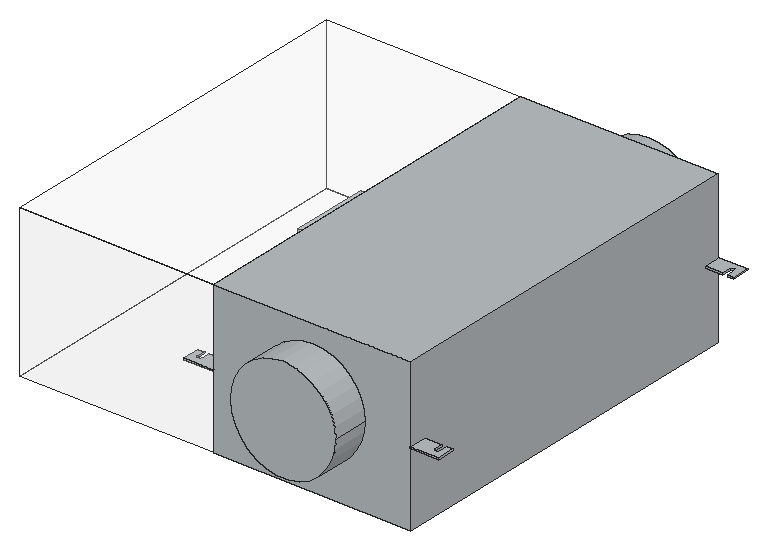
Revit family "3_天吊埋込タイプ 排気消音タイプ 単相100V_3相200V", category 機械設備, Revit 2019
Family settings
  丸型コネクタ寸法 = 直径を使用
  パーツ タイプ = 割り込み
  OmniClass 番号 = 23.75.35.17.27
  OmniClass タイトル = Centrifugal Fans
  作業面ベース = いいえ
  常に垂直 = はい
  ロード時にボイドで切り取り = いいえ
  共有 = いいえ
  部屋計算ポイント = はい
Parameters (values of type "BFS-120SHU")
  騒音レベル(dB(A))_吸込 = 41
  騒音レベル(dB(A))_吐出 = 46.5
  騒音レベル(dB(A))_側面 = 33
  騒音レベル(dB(A)) = 46.5
  風量 [instance] = 設計風量  # 0.0 m³/h
  電源種別 [instance] = "一般"
  電圧 = 100 V
  電動機出力 = 270 W
  電動機_種別 [instance] = ""
  運転質量 = 0.00 kg
  連動 [instance] = ""
  質量 = if(製品質量 > 運転質量, 製品質量, 運転質量) * 1.2  # 33.60 kg
  負荷分類 = 3_ファン類
  説明 = "ストレートシロッコファン天吊埋込タイプ（消音形排気消音タイプ）"
  設計風量 [instance] = 0.0 m³/h
  設置方法 = "天吊"
  記号 [instance] = ""
  製造元 = "三菱電機株式会社"
  製品質量 = 28.00 kg
  製品出荷対象 = "国内"
  製品リリース年月 = "2008年12月1日"
  製品グループ = ""
  系統 [instance] = ""
  符号 [instance] = if(☑給気／□排気, "FS", "FE")  # "FE"
  積算_科目 = "2 換気設備"
  積算_拾い区分 [instance] = ""
  相 = 1
  盤記号 [instance] = ""
  盤工事区分 = "電気工事"
  発停方法 [instance] = "別売スイッチ"
  番手 = "♯1 1/2"
  特殊仕様 [instance] = ""
  火災停止 = ""
  消費電力 = 260 W
  法定耐用年数 = "15"
  機外静圧 [instance] = 0.0 Pa
  極数 = 2
  極 = 4
  材質 [instance] = ""
  本体マテリアル = 溶融亜鉛めっき鋼板
  操作・制御方式 = ""
  操作・制御スイッチ = ""
  排気量 [instance] = if(☑給気／□排気, 0.0 m³/h, 設計風量)  # 0.0 m³/h
  形式 = ""
  形名 = BFS-SHU : BFS-120SHU
  幹線記号 [instance] = ""
  対象室 [instance] = ""
  実風量 = 0.0 m³/h
  始動方式 [instance] = "直入"
  外気量 [instance] = if(☑給気／□排気, 設計風量, 0.0 m³/h)  # 0.0 m³/h
  呼称 = "消音ボックス付送風機"
  周波数 = 50 Hz
  天吊金具ピッチ幅 = 550 mm
  天吊金具ピッチ奥行 = 851 mm
  参照している仕様書等のバージョン = ""
  分類コード = "50052502100020"
  分類グループ = ""
  価格 = 179000
  企業コード = "108420"
  付属品_防振装置 = ""
  付属品 [instance] = ""
  仕様書バージョン = "Version1.0"
  モデル = "BFS-120SHU"
  ファンの種類 = "多翼形"
  ダクト径 = 250 mm
  サービススペース = yes
  コメント [instance] = ""
  Keynote = ""
  ☑給気／□排気 [instance] = no
  Width = 455 mm
  Version = ""
  Uniclass2015Version = "Systems v1.9"
  Uniclass2015Title = "Centrifugal fans"
  Uniclass2015Code = "Pr_65_67_29_12"
  URL = "https://www.mitsubishielectric.co.jp/ldg/wink/ssl/displayProduct.do?pid=173720"
  SpecificationReference = ""
  SpecificationDescription = ""
  Revision = ""
  ProductInformation = ""
  OmniClassCode = "23-33 31 19 13 15"
  MIN風量 = 1070.0 m³/h
  MIN静圧 = 167.0 Pa
  MID風量 = 0.0 m³/h
  MID静圧 = 0.0 Pa
  MAX風量 = 1200.0 m³/h
  MAX静圧 = 210.0 Pa
  M = 85 mm
  IfcTypeProduct = ""
  IfcProduct = ""
  IfcExportType = "CENTRIFUGALFORWARDCURVED"
  IfcExportAs = "IfcFanType"
  Height = 350 mm
  Depth = 887 mm
  Clearance Top = 0 mm  # constant formula
  Clearance Right = 0 mm  # constant formula
  Clearance Left = 450 mm  # constant formula
  Clearance Front = 0 mm  # constant formula
  Clearance Bottom = 0 mm  # constant formula
  Clearance Back = 0 mm  # constant formula
  Author = "三菱電機株式会社"
Types (6, lengths in mm): name | 騒音レベル(dB(A))_吸込 | 騒音レベル(dB(A))_吐出 | 騒音レベル(dB(A))_側面 | 騒音レベル(dB(A)) | 電圧 | 電動機出力 | 質量 | 製品質量 | 相 | 消費電力 | 極数 | 形名 | 天吊金具ピッチ幅 | 天吊金具ピッチ奥行 | 価格 | モデル | ダクト径 | Width | URL | MIN風量 | MIN静圧 | MAX風量 | MAX静圧 | M | Depth
  BFS-120SHU | 41 | 46.5 | 33 | 46.5 | 100 V | 270 W | 33.60 kg | 28.00 kg | 1 | 260 W | 2 | BFS-SHU : BFS-120SHU | 550 | 851 | 179000 | "BFS-120SHU" | 250 | 455 | "https://www.mitsubishielectric.co.jp/ldg/wink/ssl/displayProduct.do?pid=173720" | 1070.0 m³/h | 167.0 Pa | 1200.0 m³/h | 210.0 Pa | 85 | 887
  BFS-150SHU | 41.5 | 49.5 | 36 | 49.5 | 100 V | 300 W | 36.00 kg | 30.00 kg | 1 | 368 W | 2 | BFS-SHU : BFS-150SHU | 550 | 1005 | 186000 | "BFS-150SHU" | 250 | 455 | "https://www.mitsubishielectric.co.jp/ldg/wink/ssl/displayProduct.do?pid=173725" | 1300.0 m³/h | 146.0 Pa | 1500.0 m³/h | 195.0 Pa | 85 | 1041
  BFS-120THU | 41 | 46.5 | 33 | 46.5 | 200 V | 240 W | 33.60 kg | 28.00 kg | 3 | 260 W | 3 | BFS-THU : BFS-120THU | 550 | 851 | 179000 | "BFS-120THU" | 250 | 455 | "https://www.mitsubishielectric.co.jp/ldg/wink/ssl/displayProduct.do?pid=173721" | 895.0 m³/h | 116.0 Pa | 1200.0 m³/h | 210.0 Pa | 85 | 887
  BFS-150THU | 41.5 | 49.5 | 36 | 49.5 | 200 V | 300 W | 36.00 kg | 30.00 kg | 3 | 372 W | 3 | BFS-THU : BFS-150THU | 550 | 1005 | 186000 | "BFS-150THU" | 250 | 455 | "https://www.mitsubishielectric.co.jp/ldg/wink/ssl/displayProduct.do?pid=173724" | 1165.0 m³/h | 117.0 Pa | 1500.0 m³/h | 195.0 Pa | 85 | 1041
  BFS-180THU | 42.5 | 50.5 | 37 | 50.5 | 200 V | 550 W | 38.40 kg | 32.00 kg | 3 | 425 W | 3 | BFS-THU : BFS-180THU | 600 | 1005 | 218000 | "BFS-180THU" | 250 | 505 | "https://www.mitsubishielectric.co.jp/ldg/wink/ssl/displayProduct.do?pid=173723" | 0.0 m³/h | 0.0 Pa | 1800.0 m³/h | 167.0 Pa | 85 | 1041
  BFS-210THU | 44.5 | 51.5 | 39 | 51.5 | 200 V | 750 W | 40.80 kg | 34.00 kg | 3 | 535 W | 3 | BFS-THU : BFS-210THU | 620 | 1142 | 270000 | "BFS-210THU" | 300 | 525 | "https://www.mitsubishielectric.co.jp/ldg/wink/ssl/displayProduct.do?pid=173722" | 0.0 m³/h | 0.0 Pa | 2100.0 m³/h | 191.0 Pa | 100 | 1178
Reference planes
  plane 1 "中心(正面/背面)": y = 0
  plane 2: z = 0
  plane 3 "中心(左/右)": x = 0
  plane 4 "4": x = 0
  plane 5 "3": x = 0
  plane 6 "左": x = -227.5
  plane 7 "右": x = 227.5
  plane 8 "背面": y = 443.5
  plane 9 "正面": y = -443.5
  plane 10: z = 175
  plane 11: y = 425.5
  plane 12: y = -425.5
  plane 13: x = 275
  plane 14: x = -275
  plane 15: z = -175
  plane 16: z = 175
  plane 17: z = -175
  plane 18: y = 443.5
  plane 19: y = -443.5
  plane 20: x = 227.5
  plane 21: x = -677.5
Dimensions and locks
  equal spacing: plane 6 "左", plane 5 "3", plane 7 "右"
  "Width": plane 6 "左" to plane 7 "右"
  equal spacing: plane 9 "正面", plane 1 "中心(正面/背面)", plane 8 "背面"
  "Depth": plane 9 "正面" to plane 8 "背面"
  equal spacing: plane 10, level, plane 15
  "Height": plane 10 to plane 15
  "Clearance Top": plane 16 to plane 10
  "Clearance Bottom": plane 15 to plane 17
  "Clearance Back": plane 8 "背面" to plane 18
  "Clearance Front": plane 19 to plane 9 "正面"
  "Clearance Left": plane 21 to plane 6 "左"
  "Clearance Right": plane 7 "右" to plane 20
  equal spacing: plane 12, plane 1 "中心(正面/背面)", plane 11
  "天吊金具ピッチ奥行": plane 12 to plane 11
  equal spacing: plane 14, plane 5 "3", plane 13
  "天吊金具ピッチ幅": plane 14 to plane 13
  aligned and locked: level to plane 2
  aligned and locked: nested 1 to plane 11
  aligned and locked: plane 12 to nested 1
  aligned and locked: plane 14 to nested 1
  aligned and locked: plane 13 to nested 1
  aligned and locked: plane 21 to nested 2
  aligned and locked: plane 19 to nested 2
  aligned and locked: plane 16 to nested 2
  aligned and locked: plane 17 to nested 2
  aligned and locked: plane 18 to nested 2
  aligned and locked: plane 6 "左" to nested 2
  aligned and locked: nested 3 to plane 5 "3"
  aligned and locked: plane 1 "中心(正面/背面)" to nested 3
  aligned and locked: plane 10 to nested 3
Nested families
  nested 1: "固定点" at (-275, -425.5, 0), type "固定点"
    with W 550 mm, D 851 mm
  nested 2: "サービススペース" at (-452.5, 0, 0), visible <- "サービススペース", type "サービススペース"
    with Width 450 mm, Height 350 mm, Depth 887 mm
  nested 3: "BFS-SHU" at (0, 0, -175) x (0, -1, 0) z (0, 0, 1), type <- "形名", type "BFS-120SHU"
Connectors
  hvac at (0, -528.5, 12), driven by "ダクト径", driven by "機外静圧", driven by "風量"
    settings: on nested 3, index 2, duct flow 0.0 m³/h, flow factor 0, pres drop 0.0 Pa, loss coef 0, conn angle 0.00°, conn width 304.8 mm, conn height 304.8 mm, conn diameter 250 mm, duct sys type 29, conn prof type 0, flow config 0, flow direction 2, loss method 4, conn ref index -1, conn util no, is conn primary yes, conn desc "Out"
  hvac at (0, 528.5, 12), driven by "ダクト径", driven by "機外静圧", driven by "風量"
    settings: on nested 3, index 3, duct flow 0.0 m³/h, flow factor 0, pres drop 0.0 Pa, loss coef 0, conn angle 0.00°, conn width 304.8 mm, conn height 304.8 mm, conn diameter 250 mm, duct sys type 29, conn prof type 0, flow config 0, flow direction 1, loss method 4, conn ref index -1, conn util no, is conn primary no, conn desc "In"
  electrical at (-263.3, -66, 74), driven by "極数", driven by "負荷分類", driven by "電圧", driven by "消費電力"
    settings: on nested 3, index 4, voltage 100 V, apparent load 260 VA, apparent load phase1 0 VA, apparent load phase2 0 VA, apparent load phase3 0 VA, power factor 1, load classification "3_ファン類", number of poles 2, system type 30, power factor state 1, is connector primary yes, connector utility no, sub classification motor no, connector description ""
Definition of nested family "サービススペース"
  Parameters (values of type "サービススペース")
    Width [instance] = 500 mm
    Height [instance] = 500 mm
    Depth [instance] = 500 mm
  Reference planes
    plane 1 "中心(正面/背面)": y = 0
    plane 2: z = 0
    plane 3 "中心(左/右)": x = 0
    plane 4: y = -250
    plane 5: x = 250
    plane 6: y = 250
    plane 7: x = -250
    plane 8: z = 250
    plane 9: z = -250
  Forms (mm)
    Extrusion 1, solid
      sketch origin (-638.939, 0, 72.39) x (1, 0, 0) y (0, 1, 0)
        loop
          line (388.939, 250) -> (388.939, -250) -> (888.939, -250) -> (888.939, 250) -> (388.939, 250)
      from -322.39 to 177.61
  Lines and regions (mm)
    symbolic lines
      curve 1: line (-250, 0, 250) -> (250, 0, 250)
      curve 2: line (-250, 0, -250) -> (-250, 0, 250)
      curve 3: line (250, 0, -250) -> (-250, 0, -250)
      curve 4: line (250, 0, 250) -> (250, 0, -250)
      curve 5: line (0, -250, 250) -> (0, 250, 250)
      curve 6: line (0, -250, -250) -> (0, -250, 250)
      curve 7: line (0, 250, -250) -> (0, -250, -250)
      curve 8: line (0, 250, 250) -> (0, 250, -250)
      curve 9: line (-250, 250, 0) -> (250, 250, 0)
      curve 10: line (-250, -250, 0) -> (-250, 250, 0)
      curve 11: line (250, -250, 0) -> (-250, -250, 0)
      curve 12: line (250, 250, 0) -> (250, -250, 0)
  Dimensions and locks
    equal spacing: plane 7, plane 3 "中心(左/右)", plane 5
    equal spacing: plane 4, plane 1 "中心(正面/背面)", plane 6
    "Depth": plane 4 to plane 6
    "Width": plane 7 to plane 5
    equal spacing: plane 8, plane 2, plane 9
    "Height": plane 8 to plane 9
    aligned and locked: plane 9 to curve 3
    aligned and locked: plane 7 to curve 2
    aligned and locked: curve 4 to plane 5
    aligned and locked: plane 5 to Extrusion 1
    aligned and locked: Extrusion 1 to plane 7
    aligned and locked: Extrusion 1 to plane 9
    aligned and locked: plane 8 to Extrusion 1
    aligned and locked: plane 9 to curve 7
  Automatic sketch dimensions
    plane 4 to Extrusion 1 sketch curve = 0 mm
    Extrusion 1 sketch curve to plane 7 = 0 mm
    Extrusion 1 sketch curve to plane 5 = 0 mm
    plane 6 to Extrusion 1 sketch curve = 0 mm
    curve 2 to plane 8 = 0 mm
    plane 4 to curve 11 = 0 mm
    curve 11 to plane 7 = 0 mm
    curve 11 to plane 5 = 0 mm
    plane 6 to curve 10 = 0 mm
    curve 7 to plane 4 = 0 mm
    curve 7 to plane 6 = 0 mm
    curve 6 to plane 8 = 0 mm
Definition of nested family "BFS-SHU"
  Parameters (values of type "BFS-150SHU")
    端子カバー高 = 155 mm  # constant formula
    端子カバー手前位置 = 341 mm
    端子カバー幅 = 35.8 mm  # constant formula
    端子カバー奥行 = 181 mm  # constant formula
    端子カバー上位置 = 23.5 mm
    吊りボルト幅 = 1005 mm
    吊りボルト奥行 = 550 mm
    マテリアル = none
    ダクト位置高 = 163 mm  # constant formula
    φ = 242 mm
    b = 389 mm
    a = 85 mm
    W = 1041 mm
    H = 350 mm
    c = 341 mm
    D = 455 mm
  Types (2, lengths in mm): name | 端子カバー手前位置 | 吊りボルト幅 | W | c
    BFS-120SHU | 287 | 851 | 887 | 287
    BFS-150SHU | 341 | 1005 | 1041 | 341
  Reference planes
    plane 1 "中心(正面/背面)": y = 0
    plane 2: z = 0
    plane 3 "中心(左/右)": x = 0
    plane 4: y = 227.5
    plane 5: y = 275
    plane 6: y = 295
    plane 7: y = -227.5
    plane 8: y = -275
    plane 9: y = -295
    plane 10: x = -520.5
    plane 11: x = -502.5
    plane 12: x = -523.5
    plane 13: x = 520.5
    plane 14: x = 502.5
    plane 15: x = 523.5
    plane 16: z = 350
    plane 17: z = 600
    plane 18: z = 900
    plane 19: z = 1200
    plane 20: x = -209.5
    plane 21: x = 179.5
    plane 22: x = 605.5
    plane 23: x = -605.5
    plane 24: z = 175
    plane 25: z = 172
    plane 26: z = 134
    plane 27: x = -482.5
    plane 28: z = 157
    plane 29: x = 482.5
    plane 30: y = 230.5
    plane 31: x = -1.5
    plane 32: z = 350
    plane 33: z = 171.5
    plane 34: y = -263.3
    plane 35: z = 326.5
    plane 36: z = 187
  Forms (mm)
    Extrusion 1, solid, material <- "マテリアル", detail levels fine
      sketch origin (0, 0, 0) x (1, 0, 0) y (0, 1, 0)
        loop
          line (-520.5, 227.5) -> (-520.5, -227.5) -> (520.5, -227.5) -> (520.5, 227.5) -> (-520.5, 227.5)
      from 0 to 350
    Extrusion 2, solid, material <- "マテリアル", detail levels fine
      sketch origin (0, 0, 0) x (1, 0, 0) y (0, 1, 0)
        loop
          line (-523.5, -227.5) -> (-523.5, -295) -> (-482.5, -295) -> (-482.5, -280.5) -> (-502.5, -280.5)
          arc (-502.5, -280.5) -> (-508, -275) -> (-502.5, -269.5) r 5.5
          line (-502.5, -269.5) -> (-482.5, -269.5) -> (-482.5, -227.5) -> (-523.5, -227.5)
      from 172 to 175
    Extrusion 3, solid, material <- "マテリアル", detail levels fine
      sketch origin (0, 0, 0) x (1, 0, 0) y (0, 1, 0)
        loop
          line (-523.5, 227.5) -> (-482.5, 227.5) -> (-482.5, 269.5) -> (-502.5, 269.5)
          arc (-502.5, 269.5) -> (-508, 275) -> (-502.5, 280.5) r 5.5
          line (-502.5, 280.5) -> (-482.5, 280.5) -> (-482.5, 295) -> (-523.5, 295) -> (-523.5, 227.5)
      from 172 to 175
    Extrusion 4, solid, material <- "マテリアル", detail levels fine
      sketch origin (0, 0, 0) x (-1, 0, 0) y (0, -1, 0)
        loop
          line (-523.5, 227.5) -> (-482.5, 227.5) -> (-482.5, 269.5) -> (-502.5, 269.5)
          arc (-502.5, 269.5) -> (-508, 275) -> (-502.5, 280.5) r 5.5
          line (-502.5, 280.5) -> (-482.5, 280.5) -> (-482.5, 295) -> (-523.5, 295) -> (-523.5, 227.5)
      from 172 to 175
    Extrusion 5, solid, material <- "マテリアル", detail levels fine
      sketch origin (0, 0, 0) x (0, 1, 0) y (0, 0, 1)
        loop
          circle (0, 187) r 121
      from -520.5 to -605.5
    Extrusion 6, solid, material <- "マテリアル", detail levels fine
      sketch origin (0, 0, 0) x (0, 1, 0) y (0, 0, -1)
        loop
          circle (0, -187) r 121
      from -520.5 to -605.5
    Extrusion 7, solid, material <- "マテリアル", detail levels fine
      sketch origin (0, 0, 0) x (1, 0, 0) y (0, 0, 1)
        loop
          line (179.5, 326.5) -> (-1.5, 326.5) -> (-1.5, 171.5) -> (179.5, 171.5) -> (179.5, 326.5)
      from 227.5 to 263.3
    Extrusion 8, solid, material <- "マテリアル", detail levels fine
      sketch origin (0, 0, 0) x (-1, 0, 0) y (0, -1, 0)
        loop
          line (-523.5, -227.5) -> (-523.5, -295) -> (-482.5, -295) -> (-482.5, -280.5) -> (-502.5, -280.5)
          arc (-502.5, -280.5) -> (-508, -275) -> (-502.5, -269.5) r 5.5
          line (-502.5, -269.5) -> (-482.5, -269.5) -> (-482.5, -227.5) -> (-523.5, -227.5)
      from 172 to 175
  Dimensions and locks
    plane 12 to plane 15 = 1047 mm
    "吊りボルト幅": plane 11 to plane 14
    "W": plane 10 to plane 13
    plane 9 to plane 6 = 590 mm
    "吊りボルト奥行": plane 8 to plane 5
    "D": plane 7 to plane 4
    equal spacing: plane 7, plane 1 "中心(正面/背面)", plane 4
    equal spacing: plane 10, plane 3 "中心(左/右)", plane 13
    "H": plane 16 to level
    locked: plane 5 to plane 6 at 20
    locked: plane 9 to plane 8 at 20
    locked: plane 13 to plane 15 at 3
    locked: plane 12 to plane 10 at 3
    equal spacing: plane 16, plane 24, level
    locked: plane 24 to plane 25 at 3
    locked: plane 24 to plane 26 at 41
    locked: plane 12 to plane 27 at 41
    locked: plane 25 to plane 28 at 15
    locked: plane 29 to plane 15 at 41
    locked: plane 30 to plane 4 at 3
    "a": plane 23 to plane 10
    "a": plane 13 to plane 22
    "端子カバー手前位置": plane 13 to plane 21
    "b": plane 21 to plane 20
    "端子カバー奥行": plane 21 to plane 31
    "端子カバー幅": plane 34 to plane 7
    equal spacing: plane 11, plane 3 "中心(左/右)", plane 14
    equal spacing: plane 8, plane 1 "中心(正面/背面)", plane 5
    "端子カバー上位置": plane 32 to plane 35
    "ダクト位置高": plane 32 to plane 36
    "端子カバー高": plane 35 to plane 33
    "φ": diameter of Extrusion 5 sketch curve
    "φ": diameter of Extrusion 6 sketch curve
    aligned and locked: level to plane 2
    aligned and locked: plane 4 to Extrusion 1 sketch curve
    aligned and locked: plane 10 to Extrusion 1 sketch curve
    aligned and locked: Extrusion 1 sketch curve to plane 7
    aligned and locked: Extrusion 1 sketch curve to plane 13
    aligned and locked: plane 16 to Extrusion 1
    aligned and locked: plane 7 to Extrusion 2 sketch curve
    aligned and locked: plane 12 to Extrusion 2 sketch curve
    aligned and locked: Extrusion 2 sketch curve to plane 9
    aligned and locked: Extrusion 2 sketch curve to plane 27  (x2)
    aligned and locked: plane 11 to Extrusion 2 sketch curve
    aligned and locked: plane 8 to Extrusion 2 sketch curve
    aligned and locked: plane 24 to Extrusion 2
    aligned and locked: Extrusion 2 to plane 25
    aligned and locked: plane 27 to Extrusion 3 sketch curve  (x2)
    aligned and locked: plane 5 to Extrusion 3 sketch curve
    aligned and locked: plane 11 to Extrusion 3 sketch curve
    aligned and locked: Extrusion 3 sketch curve to plane 6
    aligned and locked: Extrusion 3 sketch curve to plane 12
    aligned and locked: plane 4 to Extrusion 3 sketch curve
    aligned and locked: plane 24 to Extrusion 3
    aligned and locked: Extrusion 3 to plane 25
    aligned and locked: plane 9 to Extrusion 4 sketch curve
    aligned and locked: plane 15 to Extrusion 4 sketch curve
    aligned and locked: Extrusion 4 sketch curve to plane 7
    aligned and locked: Extrusion 4 sketch curve to plane 29  (x2)
    aligned and locked: plane 14 to Extrusion 4 sketch curve
    aligned and locked: plane 8 to Extrusion 4 sketch curve
    aligned and locked: Extrusion 4 to plane 25
    aligned and locked: plane 24 to Extrusion 4
    aligned and locked: plane 1 "中心(正面/背面)" to Extrusion 5 sketch curve
    aligned and locked: Extrusion 5 to plane 23
    aligned and locked: plane 1 "中心(正面/背面)" to Extrusion 6 sketch curve
    aligned and locked: plane 22 to Extrusion 6
    aligned and locked: plane 21 to Extrusion 7 sketch curve
    aligned and locked: Extrusion 7 sketch curve to plane 33
    aligned and locked: Extrusion 7 sketch curve to plane 31
    aligned and locked: Extrusion 7 to plane 7
    aligned and locked: plane 6 to Extrusion 8 sketch curve
    aligned and locked: plane 29 to Extrusion 8 sketch curve  (x2)
    aligned and locked: Extrusion 8 sketch curve to plane 4
    aligned and locked: Extrusion 8 sketch curve to plane 15
    aligned and locked: plane 5 to Extrusion 8 sketch curve
    aligned and locked: plane 14 to Extrusion 8 sketch curve
    aligned and locked: plane 24 to Extrusion 8
    aligned and locked: Extrusion 8 to plane 25
    aligned and locked: plane 35 to Extrusion 7 sketch curve
    aligned and locked: plane 36 to Extrusion 6 sketch curve
    aligned and locked: plane 36 to Extrusion 5 sketch curve
    aligned and locked: Extrusion 6 to plane 13
    aligned and locked: plane 10 to Extrusion 5
    aligned and locked: plane 34 to Extrusion 7
  Automatic sketch dimensions
    Extrusion 2 sketch curve to plane 11 = 0 mm
    plane 8 to Extrusion 2 sketch curve = 5.5 mm
    Extrusion 3 sketch curve to plane 11 = 0 mm
    plane 5 to Extrusion 3 sketch curve = 5.5 mm
    Extrusion 4 sketch curve to plane 14 = 0 mm
    Extrusion 4 sketch curve to plane 8 = 5.5 mm
    Extrusion 8 sketch curve to plane 14 = 0 mm
    Extrusion 8 sketch curve to plane 5 = 5.5 mm
Definition of nested family "固定点"
  Parameters (values of type "固定点")
    中心円 = 11 mm
    W [instance] = 1000 mm
    D [instance] = 1000 mm
  Reference planes
    plane 1 "中心(正面/背面)": y = 0
    plane 2: z = 0
    plane 3 "中心(左/右)": x = 0
    plane 4: x = 1000
    plane 5: y = 1000
  Lines and regions (mm)
    symbolic lines, detail levels fine
      curve 1: circle (0, 1000, 0) r 5.5 normal (0, 0, 1)
      curve 2: circle (0, 0, 0) r 5.5 normal (0, 0, 1)
      curve 3: circle (1000, 1000, 0) r 5.5 normal (0, 0, 1)
      curve 4: circle (1000, 0, 0) r 5.5 normal (0, 0, 1)
      curve 5: line (-200, 1000, 0) -> (1200, 1000, 0)
      curve 6: line (-200, 0, 0) -> (1200, 0, 0)
      curve 7: line (0, 1200, 0) -> (0, -200, 0)
      curve 8: line (1000, 1200, 0) -> (1000, -200, 0)
  Dimensions and locks
    "W": plane 3 "中心(左/右)" to plane 4
    "D": plane 1 "中心(正面/背面)" to plane 5
    "中心円": diameter of curve 1
    "中心円": diameter of curve 2
    "中心円": diameter of curve 3
    "中心円": diameter of curve 4
    aligned and locked: level to plane 2
    aligned and locked: plane 5 to curve 1
    aligned and locked: plane 3 "中心(左/右)" to curve 1
    aligned and locked: plane 3 "中心(左/右)" to curve 2
    aligned and locked: plane 1 "中心(正面/背面)" to curve 2
    aligned and locked: plane 4 to curve 3
    aligned and locked: plane 5 to curve 3
    aligned and locked: plane 1 "中心(正面/背面)" to curve 4
    aligned and locked: plane 4 to curve 4
    aligned and locked: plane 1 "中心(正面/背面)" to curve 6
    aligned and locked: curve 7 to plane 3 "中心(左/右)"
    aligned and locked: curve 8 to plane 4
  Automatic sketch dimensions
    curve 5 to plane 5 = 0 mm
    curve 6 to plane 3 "中心(左/右)" = 200 mm
    curve 5 to plane 3 "中心(左/右)" = 200 mm
    curve 4 to curve 6 = 200 mm
    curve 3 to curve 5 = 200 mm
    plane 1 "中心(正面/背面)" to curve 8 = 200 mm
    plane 1 "中心(正面/背面)" to curve 7 = 200 mm
    curve 3 to curve 8 = 200 mm
    curve 1 to curve 7 = 200 mm
